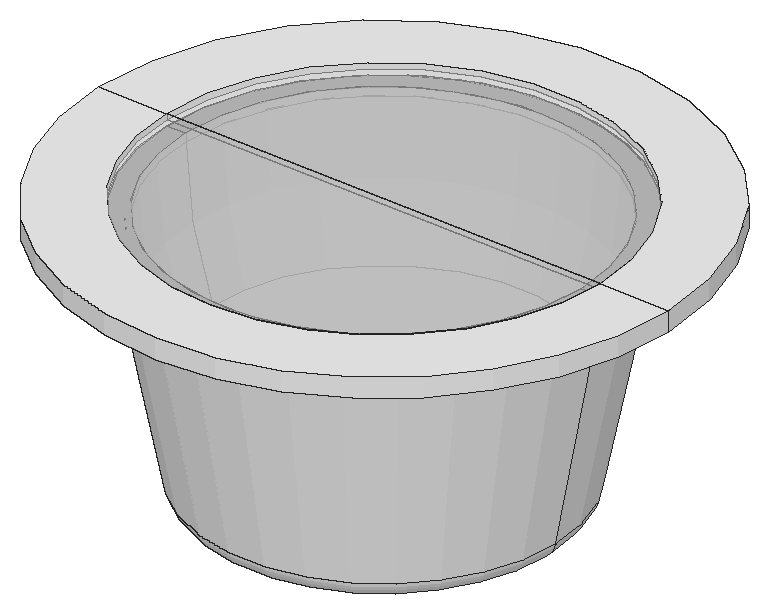
Revit family "2060571+2028034 Sylvania Lighting Fixture ASCENT 100 II ARCH 3600 3K STD EMG 160 with IP44 Clear Glass", category Lighting Fixtures, host Face, Revit 2016
Family settings
  Host = Face
  Part Type = Normal
  Round Connector Dimension = Use Diameter
  OmniClass Number = 23.80.70.11.17
  OmniClass Title = Specialized Lighting by Location or Use
  Cut with Voids When Loaded = No
  Light Source = Yes
  Shared = No
  Room Calculation Point = No
Parameters (values of type "2060571+2028034 ASCT100 II ARCH 3600 3K STD EMG 160 with IP44 Clear Glass")
  WidthBezelAcc_SYL = 25.0 mm
  Weight = "1.92 kg"
  Wattage = 32 W
  WarrantyStartDate [instance] = "n/a"
  WarrantyGuarantorParts = "n/a"
  WarrantyDurationUnit = "n/a"
  WarrantyDurationParts = "n/a"
  WarrantyDescription = "n/a"
  built-in parameter 1150110 = 1 (stored number, unit not read)
  Voltage = 0 V
  VisibilityAccessory_SYL = yes
  TypeName = "ASCENT 100 II ARCH 3600 3K STD EMG 160"
  built-in parameter 1114217 = 1 (stored number, unit not read)
  Tilt Angle = -90°
  built-in parameter 1150109 = 1 (stored number, unit not read)
  built-in parameter 1150134 = (empty or 0)
  built-in parameter 1150113 = 1 (stored number, unit not read)
  SerialNumber [instance] = "n/a"
  ReflectorRadius_SYL = Radius_SYL - 14.5 mm  # 80.0 mm
  RadiusAcc_SYL = 105.0 mm
  Radius_SYL = 94.5 mm
  URL = "http://www.sylvania-lighting.com"
  PowerFactor = 0
  PowerConsumption = "32 W"
  Photometric Web File = "2060571.ies"
  NominalWidth = 0.0 mm
  NominalLength = 0.0 mm
  NominalHeight = 94.0 mm
  Name = "ASCENT 100 II ARCH 3600 3K STD EMG 160"
  ModelReference = "ASCENT 100 II ARCH 3600 3K STD EMG 160"
  ModelNumber = "2060571+2028034"
  Material_4_SYL = none
  Material_3_SYL = Polycarbonate_Sylvania_Ascent_Clear
  Material_2_SYL = Aluminium_Sylvania_Ascent_Silver
  Material_1_SYL = Aluminum_Sylvania_Ascent_White
  Material = "aluminium housing, arcylic diffuser"
  ManufacturerName = "Feilo Sylvania"
  LuminousEfficacy = "111 lm/W"
  built-in parameter 1150105 = 282.66 (stored number, unit not read)
  Lumens = 3552 lm
  LuminaireType = ""
  built-in parameter 1150115 = 1 (stored number, unit not read)
  LightOutputRatio = "100"
  built-in parameter 1150137 = (empty or 0)
  built-in parameter 1150139 = (empty or 0)
  LampsType = Lamp  # "LED"
  LampNominalLuminous = "3548 lm"
  LampMacAdamStep = "3"
  LampColourTemperature = "3000 K"
  LampColourRenderingIndex = "80"
  built-in parameter 1150112 = 1 (stored number, unit not read)
  built-in parameter 1150114 = 1 (stored number, unit not read)
  Keynote = "16500"
  InstallationDate [instance] = "n/a"
  InputVoltage = "n/a"
  InputNominalFrequency = "n/a"
  built-in parameter 1150132 = (empty or 0)
  built-in parameter 1150102 = (empty or 0)
  built-in parameter 1150107 = 3000 (stored number, unit not read)
  built-in parameter 1150138 = (empty or 0)
  IngressProtection = "IP44"
  ImpactProtectionIndex = "IK02"
  built-in parameter 1150106 = 2.8266 (stored number, unit not read)
  IfcExportType = "IfcLightFixtureType"
  IfcExportAs = "IfcLightFixtureType"
  Height_SYL = 94.0 mm
  HeightAcc_SYL = 7.0 mm
  ExpectedLife = 50000
  EmittionSurface_SYL = if(VisibilityAccessory_SYL, 7.0 mm, 3.0 mm)  # 7.0 mm
  Emit from Circle Diameter = DiffuserRadius_SYL * 2  # 146.0 mm
  Emit Shape Visible in Rendering = no
  ElectricShockClassification = "Class II"
  built-in parameter 1150104 = 10.312 (stored number, unit not read)
  DurationUnit = "hours"
  DocumentationLiterature = "http://www.sylvania-lighting.com/product/en-int/products/2060571"
  DimmingControlOptions = "n/a"
  Dimming Lamp Color Temperature Shift = <None>
  DiffuserRadius_SYL = ReflectorRadius_SYL - 7.0 mm  # 73.0 mm
  Diameter_SYL = 2 * Radius_SYL  # 189.0 mm
  CutoutDiameter_SYL = Diameter_SYL - 13.0 mm  # 176.0 mm
  CreatedOn = "9/17/2018"
  CreatedBy = "@sylvania-lighting.com"
  Color Filter = 16777215
  built-in parameter 1114216 [instance] = 1 (stored number, unit not read)
  Model = "ASCENT 100 II ARCH 3600 3K STD EMG 160"
  Manufacturer = "Feilo Sylvania"
  Lamp = "LED"
  Description = "Direct LED retro fit for original LED 100 Arch (160) single CFL lamp offering Matching lumen levels and improved light distribution of original LED 100 CFL lamp equivalents Typically half the power consumption compared to CFL Up to 112lm/W 160mm aperture Architectural reflector accepts range of glass accessories from existing LED 100 Arch 160 offering HE, HO and VHO versions equivalent of single 1 x 18W, 1 x 32W, 1 x 42W\r\n Additional VVHO versions which offer the performance circa 2 x 32W equivalent"  # constant formula
  Default Elevation = 0.0 mm
  built-in parameter 1140040 [instance] = 1
  BarCode [instance] = "n/a"
  built-in parameter 1114218 = 1 (stored number, unit not read)
  built-in parameter 1150133 = 10 (stored number, unit not read)
  AssetType = "Fixed"
  AssetIdentifier [instance] = "n/a"
  Assembly Code = "D5020200"
  Apparent Load = 32 VA
  Aperture_SYL = 2 * ReflectorRadius_SYL  # 160.0 mm
Types (2, lengths in mm): name | Wattage | TypeName | Photometric Web File | Name | ModelReference | built-in parameter 1150105 | Lumens | built-in parameter 1150106 | Model | Apparent Load
  2060571+2028034 ASCT100 II ARCH 3600 3K STD EMG 160 with IP44 Clear Glass | 32 W | "ASCENT 100 II ARCH 3600 3K STD EMG 160" | "2060571.ies" | "ASCENT 100 II ARCH 3600 3K STD EMG 160" | "ASCENT 100 II ARCH 3600 3K STD EMG 160" | 282.66 (stored number, unit not read) | 3552 lm | 2.8266 (stored number, unit not read) | "ASCENT 100 II ARCH 3600 3K STD EMG 160" | 32 VA
  2060571+2028034 ASCT100 II ARCH 3600 3K STD EMG 160 with IP44 Clear Glass Emergency mode | 1.61261 W | "ASCT100 II ARCH 3600 3K STD EMG 160 with IP44 Clear Glass Emergency mode" | "2060571EM.ies" | "ASCT100 II ARCH 3600 3K STD EMG 160 with IP44 Clear Glass Emergency mode" | "ASCT100 II ARCH 3600 3K STD EMG 160 with IP44 Clear Glass Emergency mode" | 14.244 (stored number, unit not read) | 179 lm | 0.14244 (stored number, unit not read) | "ASCT100 II ARCH 3600 3K STD EMG 160 with IP44 Clear Glass Emergency mode" | 1.61261 VA
Reference planes
  plane 1 "Center (Front/Back)": y = 0
  plane 2: z = 0
  plane 3 "Center (Left/Right)": x = 0
  plane 4 "Fixture Bottom": z = 3
  plane 5: z = -52.5
  plane 6 "Fixture Top": z = -91
  plane 7: x = -105
  plane 8: z = 7
  plane 9: x = -80
  plane 10: z = 5
  plane 11: x = -103
Forms (mm)
  Extrusion 1, solid, material "Aluminum_Sylvania_Ascent_White", detail levels fine
    sketch origin (0, 0, 0) x (1, 0, 0) y (0, 1, 0)
      loop
        circle (0, 0) r 94.5
      loop
        circle (0, 0) r 80
    from 0 to 3
  Extrusion 2, void
    sketch origin (0, 0, 0) x (1, 0, 0) y (0, 1, 0)
      loop
        circle (0, 0) r 88
    from -91 to 3
  Revolve 3, solid, material "Aluminum_Sylvania_Ascent_White" <- "Material_1_SYL", detail levels fine
    sketch origin (0, 0, 0) x (1, 0, 0) y (0, 0, 1)
      loop
        line (0, -91.073) -> (0, -89.023) -> (-55.468, -89.014)
        arc (-55.468, -89.014) -> (-59.352, -87.613) -> (-61.54, -84.139) r 6.307
        line (-61.54, -84.139) -> (-77.991, -2.844) -> (-77.991, 0) -> (-80, 0) -> (-80, -3) -> (-63.5, -84.536)
        arc (-63.5, -84.536) -> (-60.643, -89.203) -> (-55.5, -91.073) r 8.291
        line (-55.5, -91.073) -> (0, -91.073)
      axis (0, 0) -> (0, -91.073)
    angle from 0 to 360
  Revolve 4, solid, material "Aluminium_Sylvania_Ascent_Silver" <- "Material_2_SYL", detail levels fine
    sketch origin (0, 0, 0) x (1, 0, 0) y (0, 0, 1)
      loop
        line (-80, 3) -> (-80, 0) -> (-75, 0)
        arc (-75, 0) -> (-72.349, -26.77) -> (-64.5, -52.5) r 136.5
        line (-64.5, -52.5) -> (-58, -52.5)
        arc (-58, -52.5) -> (-56.857, -61.521) -> (-53.5, -69.971) r 36.166
        line (-53.5, -69.971) -> (0, -69.971) -> (0, -50.5) -> (-63.16, -50.5)
        arc (-63.16, -50.5) -> (-70.517, -25.725) -> (-73, 0) r 134.5
        line (-73, 0) -> (-73, 3) -> (-80, 3)
      axis (0, 3) -> (0, -69.971)
    angle from 0 to 360
  Extrusion 5, solid, material "Polycarbonate_Sylvania_Ascent_Clear" <- "Material_3_SYL", detail levels fine
    sketch origin (0, 0, 0) x (1, 0, 0) y (0, 1, 0)
      loop
        circle (0, 0) r 73
    from 0 to 3
  Revolve 6, solid, material "Aluminum_Sylvania_Ascent_White" <- "Material_1_SYL", detail levels coarse+medium
    sketch origin (0, 0, 0) x (1, 0, 0) y (0, 0, 1)
      loop
        line (0, -91.073) -> (0, 3) -> (-94.5, 3) -> (-94.5, 0) -> (-79.5, 0) -> (-79.5, -3) -> (-63, -84.536)
        arc (-63, -84.536) -> (-60.143, -89.203) -> (-55, -91.073) r 8.291
        line (-55, -91.073) -> (0, -91.073)
      axis (0, 3) -> (0, -91.073)
    angle from 0 to 360
  Revolve 7, solid, material "Aluminum_Sylvania_Ascent_White" <- "Material_1_SYL", visible <- "VisibilityAccessory_SYL"
    sketch origin (0, 0, 0) x (1, 0, 0) y (0, 0, 1)
      loop
        line (-105, 0) -> (-103, 0) -> (-103, 5) -> (-80, 5) -> (-80, 7) -> (-105, 7) -> (-105, 0)
      axis (0, 7) -> (0, 0)
    angle from 0 to 360
  Revolve 8, solid, material "Polycarbonate_Sylvania_Ascent_Clear" <- "Material_3_SYL", visible <- "VisibilityAccessory_SYL"
    sketch origin (0, 0, 0) x (1, 0, 0) y (0, 0, 1)
      loop
        line (-80, 7) -> (-80, 5) -> (0, 5) -> (0, 7) -> (-80, 7)
      axis (0, 7) -> (0, 5)
    angle from 0 to 360
Lines and regions (mm)
  reference lines
    curve 1: line (-150, 0, 7) -> (125, 0, 7)
Dimensions and locks
  locked: plane 4 "Fixture Bottom" to plane 2 at 3
  "Height_SYL": plane 4 "Fixture Bottom" to plane 6 "Fixture Top"
  "ReflectorRadius_SYL": plane 3 "Center (Left/Right)" to Revolve 4 sketch curve
  locked: Revolve 4 sketch curve to Revolve 4 sketch curve at 15.5
  locked: Revolve 4 sketch curve to Revolve 4 sketch curve at 5
  locked: Revolve 4 sketch curve to Revolve 4 sketch curve at 7
  locked: Revolve 4 sketch curve to Revolve 4 sketch curve at 22
  locked: Revolve 4 sketch curve to Revolve 4 sketch curve at 26.5
  locked: Revolve 3 sketch curve to Revolve 3 sketch curve at 16.5
  locked: Revolve 3 sketch curve to Revolve 3 sketch curve at 24.5
  "ReflectorRadius_SYL": Revolve 3 sketch curve to plane 3 "Center (Left/Right)"
  locked: Revolve 3 sketch curve to plane 6 "Fixture Top" at 6.464
  locked: plane 2 to Revolve 3 sketch curve at 3
  locked: Revolve 3 sketch curve to Revolve 3 sketch curve at 2
  locked: Revolve 3 sketch curve to Revolve 3 sketch curve at 2.009
  locked: plane 2 to plane 5 at 52.5
  locked: Revolve 6 sketch curve to Revolve 6 sketch curve at 31.5
  locked: Revolve 6 sketch curve to Revolve 6 sketch curve at 39.5
  locked: Revolve 6 sketch curve to Revolve 6 sketch curve at 15
  "Radius_SYL": plane 3 "Center (Left/Right)" to Revolve 6 sketch curve
  "RadiusAcc_SYL": plane 3 "Center (Left/Right)" to plane 7
  "HeightAcc_SYL": plane 8 to level
  "WidthBezelAcc_SYL": plane 7 to plane 9
  locked: plane 7 to plane 11 at 2
  locked: plane 8 to plane 10 at 2
  "EmittionSurface_SYL": curve 1 to level
  "CutoutDiameter_SYL": diameter of Extrusion 2 sketch curve
  "ReflectorRadius_SYL": radius of Extrusion 1 sketch curve
  "DiffuserRadius_SYL": radius of Extrusion 5 sketch curve
  "Radius_SYL": radius of Extrusion 1 sketch curve
  aligned and locked: host face to plane 2
  aligned and locked: host face to level
  aligned and locked: plane 4 "Fixture Bottom" to Extrusion 1
  aligned and locked: Extrusion 1 to plane 2
  aligned and locked: Revolve 3 sketch curve to plane 3 "Center (Left/Right)"
  aligned and locked: Revolve 4 sketch curve to plane 3 "Center (Left/Right)"  (x2)
  aligned and locked: plane 4 "Fixture Bottom" to Revolve 4 sketch curve
  aligned and locked: Extrusion 5 to plane 2
  aligned and locked: plane 2 to Revolve 3 sketch curve  (x2)
  aligned and locked: Revolve 6 sketch curve to plane 3 "Center (Left/Right)"
  aligned and locked: plane 6 "Fixture Top" to Extrusion 2
  aligned and locked: Revolve 7 sketch curve to plane 3 "Center (Left/Right)"
  aligned and locked: host face to Revolve 7 sketch curve  (x2)
  aligned and locked: Revolve 7 sketch curve to plane 7
  aligned and locked: plane 8 to Revolve 7 sketch curve
  aligned and locked: plane 9 to Revolve 7 sketch curve
  aligned and locked: Revolve 7 sketch curve to plane 10
  aligned and locked: plane 11 to Revolve 7 sketch curve
  aligned and locked: Revolve 7 to Revolve 8 sketch curve
  aligned and locked: Revolve 8 sketch curve to Revolve 7  (x2)
  aligned and locked: Revolve 8 sketch curve to plane 3 "Center (Left/Right)"  (x2)
  aligned and locked: plane 3 "Center (Left/Right)" to imposter light
  aligned and locked: imposter light to plane 1 "Center (Front/Back)"
  aligned and locked: imposter light to curve 1
Automatic sketch dimensions
  plane 1 "Center (Front/Back)" to Extrusion 2 sketch curve = 0.0 mm
  Extrusion 2 sketch curve to plane 3 "Center (Left/Right)" = 0.0 mm
  Extrusion 1 sketch curve to Extrusion 1 sketch curve = 0.0 mm  (x2)
  plane 1 "Center (Front/Back)" to Extrusion 1 sketch curve = 0.0 mm
  Extrusion 1 sketch curve to plane 3 "Center (Left/Right)" = 0.0 mm
  plane 6 "Fixture Top" to Revolve 3 sketch curve = 0.073 mm
  Revolve 3 sketch curve to plane 6 "Fixture Top" = 6.861 mm
  Revolve 3 sketch curve to Revolve 3 sketch curve = 0.003 mm
  Revolve 3 sketch curve to Revolve 3 sketch curve = 0.009 mm  (x2)
  Revolve 3 sketch curve to Revolve 3 sketch curve = 0.023 mm
  Revolve 3 sketch curve to Revolve 3 sketch curve = 0.072 mm
  Revolve 3 sketch curve to Revolve 3 sketch curve = 0.008 mm
  Revolve 3 sketch curve to plane 6 "Fixture Top" = 1.977 mm
  Revolve 3 sketch curve to Revolve 3 sketch curve = 33.496 mm
  Revolve 3 sketch curve to Revolve 3 sketch curve = 0.028 mm
  plane 4 "Fixture Bottom" to Revolve 3 sketch curve = 82.431 mm
  Revolve 4 sketch curve to Revolve 4 sketch curve = 0.0 mm  (x2)
  Revolve 4 sketch curve to plane 5 = 0.0 mm
  Revolve 4 sketch curve to level = 0.0 mm
  plane 5 to Revolve 4 sketch curve = 2.0 mm
  plane 4 "Fixture Bottom" to Revolve 4 sketch curve = 9.642 mm
  plane 1 "Center (Front/Back)" to Extrusion 5 sketch curve = 0.0 mm
  Extrusion 5 sketch curve to plane 3 "Center (Left/Right)" = 0.0 mm
  Revolve 4 sketch curve to level = 69.971 mm
  Revolve 4 sketch curve to Revolve 4 sketch curve = 2.387 mm
  Revolve 6 sketch curve to level = 0.0 mm
  Revolve 6 sketch curve to plane 3 "Center (Left/Right)" = 0.0 mm
  Revolve 6 sketch curve to Revolve 6 sketch curve = 8.104 mm
  Revolve 6 sketch curve to level = 3.0 mm
  Revolve 6 sketch curve to plane 6 "Fixture Top" = 6.464 mm
  plane 6 "Fixture Top" to Revolve 6 sketch curve = 0.073 mm
  Revolve 6 sketch curve to Revolve 6 sketch curve = 33.496 mm
  plane 4 "Fixture Bottom" to Revolve 6 sketch curve = 82.431 mm
  host sketch curve to host sketch curve = 1704.996 mm
  host sketch curve to host sketch curve = 1500.0 mm
  plane 6 "Fixture Top" to Revolve 7 sketch curve = 281.274 mm
  Revolve 7 sketch curve to plane 8 = 1140.706 mm
  plane 6 "Fixture Top" to Revolve 8 sketch curve = 281.274 mm
  Revolve 8 sketch curve to Revolve 8 sketch curve = 1140.706 mm
  Revolve 3 sketch curve to plane 3 "Center (Left/Right)" = 0.0 mm
  Revolve 6 sketch curve to plane 4 "Fixture Bottom" = 0.0 mm
  plane 7 to curve 1 = 45.0 mm
  plane 3 "Center (Left/Right)" to curve 1 = 125.0 mm
Connectors
  electrical at (0, 0, -91.073), driven by "Apparent Load"
    settings: on Revolve 3, index 1, voltage 240 V, apparent load 0 VA, apparent load phase1 32 VA, apparent load phase2 0 VA, apparent load phase3 0 VA, power factor 1, load classification "Lighting", number of poles 1, system type 31, power factor state 1, is connector primary yes, connector utility no, sub classification motor no, connector description ""
